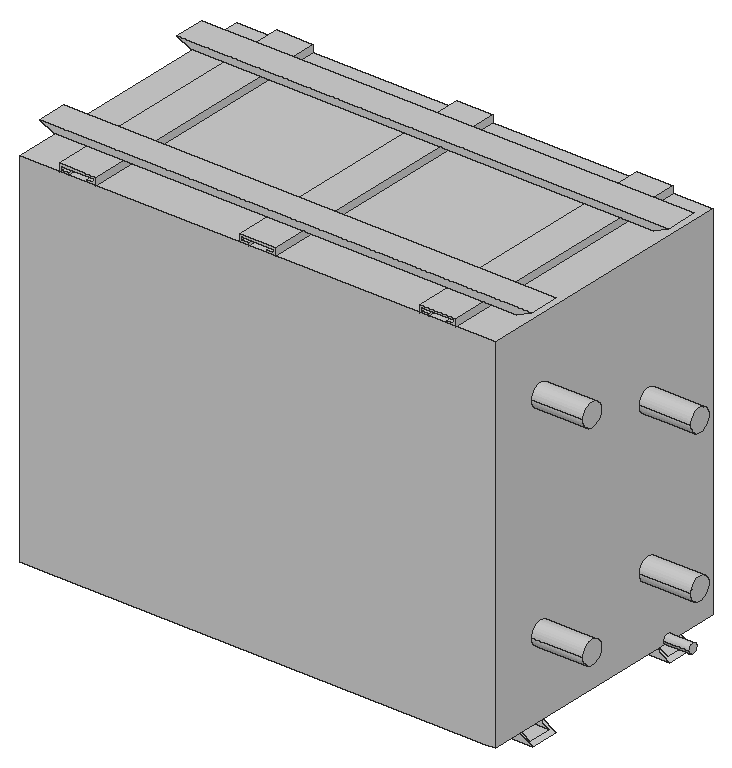
Revit family "Heat-Pump-Rheem-W2W-45kW", category Mechanical Equipment, Revit 2023
Family settings
  Round Connector Dimension = Use Radius
  Part Type = Normal
  OmniClass Number = 23.75.10.21
  OmniClass Title = Heat Pumps
  Work Plane-Based = No
  Always vertical = Yes
  Cut with Voids When Loaded = No
  Maintain Annotation Orientation = No
  Shared = No
  Room Calculation Point = No
Parameters (values of type "9540450S")
  calcTopSupport = if(Show Top Supports, 32 mm, 0 mm)  # 32 mm
  calcFanGuardDepth = 133 mm  # constant formula
  Width_ANZRS = 599 mm  # constant formula
  Wattage_ANZRS = 45 kW  # constant formula
  Voltage_ANZRS = 230 V
  URL = "https://www.rheem.com.au/products/commercial/commercial-heat-pumps"
  Type Comments = ""
  SupportInsetSide = 77 mm  # constant formula
  Show Top Supports = yes
  ProductCode_ANZRS = "9540450S"
  PowerFactor_ANZRS = 1
  OutletPipeDiameter = 50 mm  # constant formula
  calcOutletPipeRad = if(1 = 1, OutletPipeDiameter / 2, 0 mm)  # 25 mm
  Model = "Rheem Commercial Water to Water Heat Pump – 45kW Stackable Model"
  Material_ANZRS = Rheem-Steel-Grey
  Manufacturer = "Rheem"  # constant formula
  Length_ANZRS = 1049 mm  # constant formula
  InletPipeDiameter = 50 mm  # constant formula
  calcInletPipeRadius = if(1 = 1, InletPipeDiameter / 2, 0 mm)  # 25 mm
  Height_ANZRS = if(Show Top Supports, 859 mm, 827 mm)  # 859 mm
  Description = "Rheem's Commercial Water to Water (W2W) heat pump includes units using R134a for hot water heating up to 65°C, with a minimum entering water temperature on the building loop of 12°C, giving a return water temperature of 7°C, with the units being compact and suitable for indoor or external installation. Stackable models allow units to be stacked two high for reduced footprint."
  Default Elevation = 0 mm
  CreatedBy_ANZRS = "Design Content"  # constant formula
  CreatedByURL_ANZRS = "https://www.designcontent.com.au/"
  Assembly Code = ""
  ApparentLoad_ANZRS = Wattage_ANZRS  # 45 kW
Types (2, lengths in mm): name | calcTopSupport | Show Top Supports | ProductCode_ANZRS | Model | Height_ANZRS | Description
  95404500 | 0 | no | "95404500" | "Rheem Commercial Water to Water Heat Pump – 45kW" | 827 | "Rheem's Commercial Water to Water (W2W) heat pump includes units using R134a for hot water heating up to 65°C, with a minimum entering water temperature on the building loop of 12°C, giving a return water temperature of 7°C, with the units being compact and suitable for indoor or external installation."
  9540450S | 32 | yes | "9540450S" | "Rheem Commercial Water to Water Heat Pump – 45kW Stackable Model" | 859 | "Rheem's Commercial Water to Water (W2W) heat pump includes units using R134a for hot water heating up to 65°C, with a minimum entering water temperature on the building loop of 12°C, giving a return water temperature of 7°C, with the units being compact and suitable for indoor or external installation. Stackable models allow units to be stacked two high for reduced footprint."
Reference planes
  plane 1 "Center (Front/Back)": y = 0
  plane 2: z = 0
  plane 3 "Center (Left/Right)": x = 0
  plane 4 "Back": y = 299.5
  plane 5 "Front": y = -299.5
  plane 6 "Left": x = -524.5
  plane 7 "Right": x = 524.5
  plane 8: z = 24
  plane 9 "HEIGHT": z = 827
  plane 10 "Inlet": z = 200
  plane 11 "Outlet": z = 670
  plane 12: x = 639.5
  plane 13: y = -222.5
  plane 14: y = 222.5
  plane 15: x = 582
  plane 16: z = 859
  plane 17: x = -544.5
  plane 18: x = 544.5
  plane 19 "Pipework": y = -176.5
Forms (mm)
  Extrusion 1, solid, material "Rheem-Steel-Grey" <- "Material_ANZRS", detail levels medium+fine
    sketch origin (0, 0, 0) x (1, 0, 0) y (0, 1, 0)
      loop
        line (-524.5, 299.5) -> (-524.5, -299.5) -> (524.5, -299.5) -> (524.5, 299.5) -> (-524.5, 299.5)
    from 24 to 827
  Extrusion 2, solid, material "Rheem-Steel-Grey" <- "Material_ANZRS"
    sketch origin (0, 111.908, 381.979) x (0, -1, 0) y (0, 0, 1)
      loop
        circle (288.408, -181.979) r 25
      loop
        circle (288.408, 288.021) r 25
      loop
        circle (-8.592, -185.979) r 25
      loop
        circle (-8.592, 147.021) r 25
    from -524.5 to -639.5
  Extrusion 3, solid, material "Rheem-Steel-Grey" <- "Material_ANZRS"
    sketch origin (524.5, 0, 0) x (0, -1, 0) y (0, 0, -1)
      loop
        circle (-173.5, -34) r 10
    from 0 to 57.5
  Extrusion 4, solid, material "Rheem-Steel-Grey" <- "Material_ANZRS", detail levels coarse
    sketch origin (0, 0, 827) x (-1, 0, 0) y (0, -1, 0)
      loop
        line (524.5, -299.5) -> (524.5, 299.5) -> (-524.5, 299.5) -> (-524.5, -299.5) -> (524.5, -299.5)
    from -827 to 32
  Extrusion 5, solid, material "Rheem-Steel-Grey" <- "Material_ANZRS", detail levels medium+fine
    sketch origin (0, 0, 0) x (0, 1, 0) y (0, 0, 1)
      loop
        line (247.5, 24) -> (217.5, 24) -> (217.5, 5) -> (163.086, 5) -> (163.086, 24) -> (133, 24) -> (133, 19) -> (158, 19) -> (158, 0) -> (222.5, 0) -> (222.5, 19) -> (247.5, 19) -> (247.5, 24)
      loop
        line (-133, 24) -> (-163, 24) -> (-163, 5) -> (-217.414, 5) -> (-217.414, 24) -> (-247.5, 24) -> (-247.5, 19) -> (-222.5, 19) -> (-222.5, 0) -> (-158, 0) -> (-158, 19) -> (-133, 19) -> (-133, 24)
    from -544.5 to 544.5
  Extrusion 6, solid, material "Rheem-Steel-Grey" <- "Material_ANZRS", visible <- "Show Top Supports", detail levels medium+fine
    sketch origin (0, 0, 0) x (1, 0, 0) y (0, 0, 1)
      loop
        line (-437.141, 827) -> (-417.141, 827) -> (-417.141, 832) -> (-432.141, 832) -> (-432.141, 838) -> (-362.141, 838) -> (-362.141, 832) -> (-377.141, 832) -> (-377.141, 827) -> (-357.141, 827) -> (-357.141, 843) -> (-437.141, 843) -> (-437.141, 827)
      loop
        line (357.141, 827) -> (377.141, 827) -> (377.141, 832) -> (362.141, 832) -> (362.141, 838) -> (432.141, 838) -> (432.141, 832) -> (417.141, 832) -> (417.141, 827) -> (437.141, 827) -> (437.141, 843) -> (357.141, 843) -> (357.141, 827)
      loop
        line (-40, 827) -> (-20, 827) -> (-20, 832) -> (-35, 832) -> (-35, 838) -> (35, 838) -> (35, 832) -> (20, 832) -> (20, 827) -> (40, 827) -> (40, 843) -> (-40, 843) -> (-40, 827)
    from -299.5 to 299.5
  Extrusion 7, solid, material "Rheem-Steel-Grey" <- "Material_ANZRS", visible <- "Show Top Supports", detail levels medium+fine
    sketch origin (23.5, 184.859, 18.5) x (0, -1, 0) y (0, 0, 1)
      loop
        line (29.359, 824.5) -> (29.359, 840.5) -> (-38.641, 840.5) -> (-38.641, 824.5) -> (-18.617, 824.5) -> (-18.617, 829) -> (-33.617, 829) -> (-33.617, 835.5) -> (24.359, 835.5) -> (24.359, 829) -> (9.359, 829) -> (9.359, 824.5) -> (29.359, 824.5)
      loop
        line (340.359, 824.5) -> (360.359, 824.5) -> (360.359, 829) -> (345.359, 829) -> (345.359, 835.5) -> (403.334, 835.5) -> (403.334, 829) -> (388.334, 829) -> (388.334, 824.5) -> (408.359, 824.5) -> (408.359, 840.5) -> (340.359, 840.5) -> (340.359, 824.5)
    from -521 to 568
  Extrusion 8, solid, detail levels medium+fine
    sketch origin (725.494, 299.5, 222.402) x (-1, 0, 0) y (0, 0, 1)
      loop
        circle (252.008, 378.5) r 15
      loop
        circle (252.008, 428.5) r 15
      loop
        circle (252.008, 328.5) r 15
      loop
        circle (252.008, 278.5) r 10
      loop
        circle (252.008, 228.5) r 10
    from 0 to 5
  Extrusion 9, void
    sketch origin (0, 0, 0) x (1, 0, 0) y (0, 0, 1)
      loop
        line (-511.136, 843) -> (-544.5, 860) -> (-544.5, 843) -> (-511.136, 843)
      loop
        line (511.136, 843) -> (544.5, 843) -> (544.5, 859.5) -> (511.136, 843)
      loop
        line (-502.931, 24) -> (-544.5, 24) -> (-544.5, 0) -> (-502.931, 24)
      loop
        line (502.931, 24) -> (544.5, 0) -> (544.5, 24) -> (502.931, 24)
    from -299.5 to 299.5
Cuts and joins
  Extrusion 9 cuts Extrusion 1
  Extrusion 9 cuts Extrusion 5
  Extrusion 9 cuts Extrusion 7
Lines and regions (mm)
  Split face 1
    outline origin (524.5, 299.5, 827) x (0, 0, -1) y (-1, 0, 0)
      loop
        line (140, 100) -> (802, 100) -> (802, 949) -> (140, 949) -> (140, 100)
  Split face 2
    outline origin (524.5, 299.5, 827) x (0, 0, -1) y (-1, 0, 0)
      loop
        line (120, 100) -> (120, 949) -> (20, 949) -> (20, 100) -> (120, 100)
Dimensions and locks
  equal spacing: plane 6 "Left", plane 3 "Center (Left/Right)", plane 7 "Right"
  equal spacing: plane 4 "Back", plane 1 "Center (Front/Back)", plane 5 "Front"
  "Width_ANZRS": plane 4 "Back" to plane 5 "Front"
  "Length_ANZRS": plane 6 "Left" to plane 7 "Right"
  locked: plane 12 to plane 7 "Right" at 115
  "SupportInsetSide": plane 5 "Front" to plane 13
  "SupportInsetSide": plane 14 to plane 4 "Back"
  locked: Extrusion 3 sketch curve to plane 8 at 10
  equal spacing: plane 12, plane 15, plane 7 "Right"
  locked: plane 8 to Extrusion 5 sketch curve at 5  (x2)
  Extrusion 5 sketch curve to plane 14 to Extrusion 5 sketch curve to Extrusion 5 sketch curve to Extrusion 5 sketch curve to Extrusion 5 sketch curve = 25 mm locked, 5 mm locked, 54.414 mm locked, 5.086 mm locked, 25 mm locked
  locked: plane 4 "Back" to Extrusion 3 sketch curve at 126
  Extrusion 5 sketch curve to Extrusion 5 sketch curve to Extrusion 5 sketch curve to Extrusion 5 sketch curve to Extrusion 5 sketch curve to Extrusion 5 sketch curve = 25 mm locked, 5 mm locked, 54.414 mm locked, 5.086 mm locked, 25 mm locked
  locked: Extrusion 6 sketch curve to plane 9 "HEIGHT" at 16
  Extrusion 6 sketch curve to Extrusion 6 sketch curve to plane 9 "HEIGHT" = 6 mm locked, 5 mm locked  (x3)
  locked: plane 9 "HEIGHT" to plane 8 at 803
  locked: plane 8 to plane 2 at 24
  locked: nested 1 to plane 9 "HEIGHT" at 300
  locked: plane 17 to plane 6 "Left" at 20
  locked: plane 18 to plane 7 "Right" at 20
  Extrusion 9 sketch curve to Extrusion 9 sketch curve to plane 9 "HEIGHT" = 17 mm, 16 mm
  Extrusion 9 sketch curve to Extrusion 9 sketch curve to plane 9 "HEIGHT" = 16.5 mm locked, 16 mm locked
  locked: plane 19 "Pipework" to plane 5 "Front" at 123
  locked: plane 10 "Inlet" to plane 2 at 200
  locked: plane 11 "Outlet" to plane 10 "Inlet" at 470
  locked: Extrusion 2 sketch curve to plane 4 "Back" at 179  (x2)
  locked: Extrusion 2 sketch curve to plane 10 "Inlet" at 329
  locked: plane 8 to Split face 1 sketch curve at 1
  Split face 1 sketch curve to plane 9 "HEIGHT" = 140 mm
  locked: Split face 1 sketch curve to plane 7 "Right" at 100
  locked: plane 6 "Left" to Split face 1 sketch curve at 100
  locked: plane 7 "Right" to Split face 2 sketch curve at 100
  locked: plane 6 "Left" to Split face 2 sketch curve at 100
  locked: Split face 2 sketch curve to plane 9 "HEIGHT" at 20
  locked: Split face 2 sketch curve to plane 9 "HEIGHT" at 120
  "calcTopSupport": plane 16 to plane 9 "HEIGHT"
  Extrusion 7 sketch curve to Extrusion 7 sketch curve to Extrusion 7 sketch curve to Extrusion 7 sketch curve to plane 9 "HEIGHT" = 5 mm locked, 6.5 mm locked, 4.5 mm locked, 16 mm locked
  locked: Extrusion 2 sketch curve to plane 2 at 196
  "calcOutletPipeRad": radius of Extrusion 2 sketch curve  (x3)
  "calcInletPipeRadius": radius of Extrusion 2 sketch curve
  radius of Extrusion 3 sketch curve = 10 mm
  aligned and locked: level to plane 2
  aligned and locked: Extrusion 1 sketch curve to plane 6 "Left"
  aligned and locked: Extrusion 1 sketch curve to plane 7 "Right"
  aligned and locked: plane 9 "HEIGHT" to Extrusion 1
  aligned and locked: Extrusion 1 to plane 8
  aligned and locked: plane 5 "Front" to Extrusion 1
  aligned and locked: Extrusion 2 to plane 7 "Right"
  aligned and locked: plane 11 "Outlet" to Extrusion 2 sketch curve
  aligned and locked: plane 10 "Inlet" to Extrusion 2 sketch curve
  aligned and locked: plane 15 to Extrusion 3
  aligned and locked: Extrusion 4 sketch curve to plane 4 "Back"
  aligned and locked: Extrusion 4 sketch curve to plane 5 "Front"
  aligned and locked: Extrusion 4 sketch curve to plane 7 "Right"
  aligned and locked: Extrusion 4 sketch curve to plane 6 "Left"
  aligned and locked: Extrusion 4 to plane 2
  aligned and locked: plane 16 to Extrusion 4
  aligned and locked: plane 12 to Extrusion 2
  aligned and locked: plane 5 "Front" to Extrusion 6
  aligned and locked: plane 4 "Back" to Extrusion 6
  aligned and locked: Extrusion 6 sketch curve to Extrusion 6 sketch curve  (x8)
  aligned and locked: plane 4 "Back" to Extrusion 1
  aligned and locked: Extrusion 7 sketch curve to Extrusion 7 sketch curve  (x8)
  aligned and locked: nested 1 to plane 3 "Center (Left/Right)"
  aligned and locked: Extrusion 5 to plane 17
  aligned and locked: plane 18 to Extrusion 5
  aligned and locked: Extrusion 7 to plane 17
  aligned and locked: plane 18 to Extrusion 7
  aligned and locked: plane 17 to Extrusion 9 sketch curve
  aligned and locked: Extrusion 9 sketch curve to plane 8
  aligned and locked: Extrusion 9 sketch curve to plane 17
  aligned and locked: plane 18 to Extrusion 9 sketch curve
  aligned and locked: Extrusion 9 to Extrusion 1  (x2)
  aligned and locked: plane 19 "Pipework" to Extrusion 2 sketch curve  (x2)
Automatic sketch dimensions
  plane 5 "Front" to Extrusion 1 sketch curve = 0 mm
  Extrusion 1 sketch curve to plane 4 "Back" = 0 mm
  Extrusion 5 sketch curve to plane 8 = 0 mm  (x4)
  Extrusion 5 sketch curve to level = 0 mm  (x2)
  Extrusion 5 sketch curve to plane 13 = 0 mm
  Extrusion 5 sketch curve to plane 14 = 0 mm
  level to Extrusion 5 sketch curve = 5 mm  (x2)
  Extrusion 5 sketch curve to plane 8 = 5 mm  (x2)
  Extrusion 6 sketch curve to plane 9 "HEIGHT" = 0 mm  (x3)
  Extrusion 6 sketch curve to plane 6 "Left" = 87.359 mm
  Extrusion 6 sketch curve to Extrusion 6 sketch curve = 5 mm  (x6)
  Extrusion 6 sketch curve to Extrusion 6 sketch curve = 15 mm  (x6)
  Extrusion 6 sketch curve to Extrusion 6 sketch curve = 40 mm  (x2)
  Extrusion 6 sketch curve to plane 3 "Center (Left/Right)" = 40 mm
  plane 3 "Center (Left/Right)" to Extrusion 6 sketch curve = 20 mm
  Extrusion 6 sketch curve to plane 7 "Right" = 167.359 mm
  Extrusion 8 sketch curve to plane 7 "Right" = 51.014 mm  (x2)
  Extrusion 8 sketch curve to plane 11 "Outlet" = 119.098 mm
  Extrusion 8 sketch curve to Extrusion 8 sketch curve = 0 mm  (x3)
  Extrusion 8 sketch curve to Extrusion 8 sketch curve = 50 mm  (x3)
  Extrusion 8 sketch curve to plane 11 "Outlet" = 69.098 mm
  Extrusion 9 sketch curve to plane 8 = 0 mm
  Extrusion 9 sketch curve to plane 18 = 0 mm
  Extrusion 9 sketch curve to level = 0 mm  (x2)
  Extrusion 9 sketch curve to plane 6 "Left" = 13.364 mm
  Extrusion 9 sketch curve to plane 6 "Left" = 21.569 mm
  Extrusion 9 sketch curve to plane 7 "Right" = 21.569 mm
  Extrusion 9 sketch curve to plane 7 "Right" = 13.364 mm
  plane 14 to Extrusion 7 sketch curve = 1 mm
  Extrusion 7 sketch curve to plane 14 = 4.024 mm
  Extrusion 7 sketch curve to Extrusion 7 sketch curve = 15 mm  (x3)
  Extrusion 7 sketch curve to Extrusion 7 sketch curve = 27.976 mm
  Extrusion 7 sketch curve to Extrusion 7 sketch curve = 5 mm  (x2)
  plane 13 to Extrusion 7 sketch curve = 67 mm
  plane 13 to Extrusion 7 sketch curve = 19.024 mm
  plane 13 to Extrusion 7 sketch curve = 4.024 mm
  Extrusion 7 sketch curve to plane 13 = 1 mm
  radius of Extrusion 8 sketch curve = 15 mm  (x3)
  radius of Extrusion 8 sketch curve = 10 mm  (x2)
Nested families
  nested 1: "X_Rheem Logo" at (0, 299.5, 527) x (-1, 0, 0) z (0, 1, 0), type "Standard", detail levels fine
Connectors
  piping at (639.5, -176.5, 200), diameter 50, driven by "calcInletPipeRadius"
    settings: on Extrusion 2, index 9, connector inside diameter 20 mm, connector length 0 mm, flow factor 0, pipe flow 0.0 L/s, pressure drop 0.0 Pa, fitting loss kfactor 0, connector angle 0.00°, fixture units 0, engagement length 0 mm, angle of deflection 0.00°, flow configuration 1, flow direction 1, fitting loss method 0, system type 20, joint type 0, gender type 0, connector reference index -1, connector utility 0, adjustable connector no, is connector primary yes, connector description "Water In"
  piping at (639.5, -176.5, 200), diameter 50, driven by "calcOutletPipeRad"
    settings: on Extrusion 2, index 10, connector inside diameter 20 mm, connector length 0 mm, flow factor 0, pipe flow 0.0 L/s, pressure drop 0.0 Pa, fitting loss kfactor 0, connector angle 0.00°, fixture units 0, engagement length 0 mm, angle of deflection 0.00°, flow configuration 1, flow direction 2, fitting loss method 0, system type 20, joint type 0, gender type 0, connector reference index -1, connector utility 0, adjustable connector no, is connector primary no, connector description "CW Out"
  piping at (582, 173.5, 34), diameter 20
    settings: on Extrusion 3, index 11, connector inside diameter 609.6 mm, connector length 0 mm, flow factor 0, pipe flow 0.0 L/s, pressure drop 0.0 Pa, fitting loss kfactor 0, connector angle 0.00°, fixture units 0, engagement length 0 mm, angle of deflection 0.00°, flow configuration 1, flow direction 2, fitting loss method 0, system type 16, joint type 0, gender type 0, connector reference index -1, connector utility 0, adjustable connector no, is connector primary no, connector description ""
  piping at (639.5, -176.5, 670), diameter 50, driven by "calcInletPipeRadius"
    settings: on Extrusion 2, index 16, connector inside diameter 609.6 mm, connector length 0 mm, flow factor 0, pipe flow 0.0 L/s, pressure drop 0.0 Pa, fitting loss kfactor 0, connector angle 0.00°, fixture units 0, engagement length 0 mm, angle of deflection 0.00°, flow configuration 1, flow direction 1, fitting loss method 0, system type 20, joint type 0, gender type 0, connector reference index -1, connector utility 0, adjustable connector no, is connector primary no, connector description "CW In"
  electrical at (473.486, 299.5, 650.902), driven by "Voltage_ANZRS", driven by "ApparentLoad_ANZRS", driven by "PowerFactor_ANZRS"
    settings: on Extrusion 8, index 17, voltage 230 V, apparent load 45 kW, apparent load phase1 0 kW, apparent load phase2 0 kW, apparent load phase3 0 kW, power factor 1, load classification "Power", number of poles 1, system type 30, power factor state 1, is connector primary yes, connector utility no, sub classification motor no, connector description ""
  electrical at (473.486, 299.5, 600.902), driven by "Voltage_ANZRS", driven by "ApparentLoad_ANZRS", driven by "PowerFactor_ANZRS"
    settings: on Extrusion 8, index 18, voltage 230 V, apparent load 45 kW, apparent load phase1 0 kW, apparent load phase2 0 kW, apparent load phase3 0 kW, power factor 1, load classification "Power", number of poles 1, system type 30, power factor state 1, is connector primary no, connector utility no, sub classification motor no, connector description ""
  electrical at (473.486, 299.5, 550.902), driven by "Voltage_ANZRS", driven by "ApparentLoad_ANZRS", driven by "PowerFactor_ANZRS"
    settings: on Extrusion 8, index 19, voltage 230 V, apparent load 45 kW, apparent load phase1 0 kW, apparent load phase2 0 kW, apparent load phase3 0 kW, power factor 1, load classification "Power", number of poles 1, system type 30, power factor state 1, is connector primary no, connector utility no, sub classification motor no, connector description ""
  electrical at (473.486, 299.5, 500.902), driven by "Voltage_ANZRS", driven by "ApparentLoad_ANZRS", driven by "PowerFactor_ANZRS"
    settings: on Extrusion 8, index 20, voltage 230 V, apparent load 45 kW, apparent load phase1 0 kW, apparent load phase2 0 kW, apparent load phase3 0 kW, power factor 1, load classification "Power", number of poles 1, system type 30, power factor state 1, is connector primary no, connector utility no, sub classification motor no, connector description ""
  electrical at (473.486, 299.5, 450.902), driven by "Voltage_ANZRS", driven by "ApparentLoad_ANZRS", driven by "PowerFactor_ANZRS"
    settings: on Extrusion 8, index 21, voltage 230 V, apparent load 45 kW, apparent load phase1 0 kW, apparent load phase2 0 kW, apparent load phase3 0 kW, power factor 1, load classification "Power", number of poles 1, system type 30, power factor state 1, is connector primary no, connector utility no, sub classification motor no, connector description ""
  piping at (639.5, 120.5, 196), diameter 50, driven by "calcInletPipeRadius"
    settings: on Extrusion 2, index 22, connector inside diameter 609.6 mm, connector length 0 mm, flow factor 0, pipe flow 0.0 L/s, pressure drop 0.0 Pa, fitting loss kfactor 0, connector angle 0.00°, fixture units 0, engagement length 0 mm, angle of deflection 0.00°, flow configuration 1, flow direction 1, fitting loss method 0, system type 19, joint type 0, gender type 0, connector reference index -1, connector utility 0, adjustable connector no, is connector primary no, connector description "HW In"
  piping at (639.5, 120.5, 529), diameter 50, driven by "calcOutletPipeRad"
    settings: on Extrusion 2, index 23, connector inside diameter 609.6 mm, connector length 0 mm, flow factor 0, pipe flow 0.0 L/s, pressure drop 0.0 Pa, fitting loss kfactor 0, connector angle 0.00°, fixture units 0, engagement length 0 mm, angle of deflection 0.00°, flow configuration 1, flow direction 2, fitting loss method 0, system type 19, joint type 0, gender type 0, connector reference index -1, connector utility 0, adjustable connector no, is connector primary no, connector description "HW Out"
Definition of nested family "X_Rheem Logo"
  Parameters (values of type "Standard")
    Default Elevation = 1219.2 mm
    Assembly Code = ""
  Reference planes
    plane 1 "Center (Front/Back)": y = 0
    plane 2: z = 0
    plane 3 "Center (Left/Right)": x = 0
  Forms (mm)
    Extrusion 1, solid
      sketch origin (0, 0, 0) x (1, 0, 0) y (0, 1, 0)
        loop
          line (-1219.2, 1219.2) -> (-1219.2, -1219.2) -> (1219.2, -1219.2) -> (1219.2, 1219.2) -> (-1219.2, 1219.2)
      from 0 to -304.8
    Extrusion 2, solid
      sketch origin (0, 0, 0) x (1, 0, 0) y (0, 1, 0)
        loop
          arc (-33.529, -21.813) -> (38.36, -11.338) -> (-16.283, 36.536) r 40
          line (-16.283, 36.536) -> (-16.283, 5.397)
          arc (-16.283, 5.397) -> (-14.75, 6.901) -> (-12.662, 7.405) r 4.033
          arc (-12.662, 7.405) -> (-9.852, 6.403) -> (-8.561, 3.712) r 3.918
          line (-8.561, 3.712) -> (-8.561, -8.033) -> (-11.525, -8.033) -> (-11.525, 1.806)
          arc (-11.525, 1.806) -> (-12.858, 4.057) -> (-15.428, 3.572) r 2.279
          arc (-15.428, 3.572) -> (-15.988, 2.759) -> (-16.246, 1.806) r 2.925
          line (-16.246, 1.806) -> (-16.246, -8.079) -> (-19.645, -8.079) -> (-19.645, 34.843)
          arc (-19.645, 34.843) -> (-26.644, 29.834) -> (-32.41, 23.444) r 40
          arc (-32.41, 23.444) -> (-21.103, 13.87) -> (-28.782, 1.2) r 11.411
          line (-28.782, 1.2) -> (-7.321, -24.919) -> (-11.462, -24.919) -> (-31.83, -0.131) -> (-31.83, -21.813) -> (-33.529, -21.813)
        loop
          line (-35.017, -19.335) -> (-35.017, 19.335)
          arc (-35.017, 19.335) -> (-40, 0) -> (-35.017, -19.335) r 40
        loop
          line (19.37, -8.097) -> (22.563, -8.097) -> (22.563, 2.258)
          spline (22.563, 2.258) -> (22.878, 3.103) -> (23.24, 3.526) -> (23.639, 3.818) -> (24.082, 3.997) -> (24.556, 4.074) -> (25.034, 4.068) -> (25.491, 3.983) -> (25.903, 3.817) -> (26.238, 3.56) -> (26.492, 3.191) -> (26.717, 2.639) -> (26.9, 1.6)
          line (26.9, 1.6) -> (26.9, -8.097) -> (29.854, -8.097) -> (29.854, 2.258)
          spline (29.854, 2.258) -> (30.181, 3.064) -> (30.553, 3.474) -> (30.969, 3.74) -> (31.419, 3.936) -> (31.889, 4.059) -> (32.364, 4.078) -> (32.821, 3.995) -> (33.233, 3.826) -> (33.568, 3.567) -> (33.822, 3.195) -> (34.048, 2.639) -> (34.231, 1.594)
          line (34.231, 1.594) -> (34.231, -8.097) -> (37.174, -8.097) -> (37.174, 3.718)
          spline (37.174, 3.718) -> (36.65, 5.383) -> (35.957, 6.159) -> (35.415, 6.563) -> (34.941, 6.826) -> (34.394, 7.032) -> (33.695, 7.17) -> (32.91, 7.2) -> (32.152, 7.119) -> (31.53, 6.952) -> (31.006, 6.67) -> (30.429, 6.179) -> (29.566, 5.166)
          spline (29.566, 5.166) -> (28.777, 6.078) -> (28.276, 6.494) -> (27.782, 6.788) -> (27.231, 7.014) -> (26.621, 7.177) -> (26.085, 7.261) -> (25.622, 7.26) -> (25.015, 7.185) -> (24.376, 7.012) -> (23.849, 6.722) -> (23.308, 6.304) -> (22.552, 5.275)
          line (22.552, 5.275) -> (22.552, 6.926) -> (19.37, 6.926) -> (19.37, -8.097)
        loop
          line (-4.051, 1.414) -> (2.029, 1.414)
          spline (2.029, 1.414) -> (1.473, 2.786) -> (1.087, 3.377) -> (0.673, 3.834) -> (0.205, 4.224) -> (-0.271, 4.485) -> (-0.868, 4.588) -> (-1.527, 4.548) -> (-2.06, 4.356) -> (-2.438, 4.033) -> (-2.865, 3.608) -> (-3.384, 2.906) -> (-4.051, 1.414)
        loop
          line (-4.095, -1.507) -> (5.029, -1.507)
          spline (5.029, -1.507) -> (4.769, 1.886) -> (4.1, 3.692) -> (3.083, 5.302) -> (1.664, 6.502) -> (-0.127, 7.316) -> (-1.72, 7.317) -> (-3.497, 6.614) -> (-4.898, 5.44) -> (-6.016, 3.817) -> (-6.693, 1.944) -> (-6.954, 0.058) -> (-6.657, -3.194)
          spline (-6.657, -3.194) -> (-5.711, -5.424) -> (-4.777, -6.63) -> (-3.808, -7.465) -> (-2.878, -7.994) -> (-1.873, -8.306) -> (-0.773, -8.411) -> (0.288, -8.278) -> (1.264, -7.907) -> (2.23, -7.346) -> (3.148, -6.594) -> (4.02, -5.578) -> (4.876, -3.596)
          line (4.876, -3.596) -> (1.705, -3.596)
          spline (1.705, -3.596) -> (0.883, -4.78) -> (0.307, -5.189) -> (-0.248, -5.429) -> (-0.802, -5.54) -> (-1.305, -5.525) -> (-1.909, -5.294) -> (-2.514, -4.923) -> (-2.921, -4.547) -> (-3.253, -4.098) -> (-3.591, -3.486) -> (-3.885, -2.641) -> (-4.095, -1.507)
        loop
          line (8.984, 1.152) -> (15.064, 1.152)
          spline (15.064, 1.152) -> (14.509, 2.524) -> (14.123, 3.116) -> (13.708, 3.573) -> (13.241, 3.962) -> (12.764, 4.224) -> (12.168, 4.327) -> (11.508, 4.287) -> (10.975, 4.095) -> (10.598, 3.771) -> (10.171, 3.347) -> (9.652, 2.645) -> (8.984, 1.152)
        loop
          line (8.973, -1.54) -> (18.097, -1.54)
          spline (18.097, -1.54) -> (17.837, 1.853) -> (17.168, 3.659) -> (16.151, 5.269) -> (14.732, 6.469) -> (12.941, 7.283) -> (11.348, 7.285) -> (9.571, 6.581) -> (8.17, 5.407) -> (7.052, 3.785) -> (6.375, 1.911) -> (6.114, 0.026) -> (6.412, -3.226)
          spline (6.412, -3.226) -> (7.357, -5.456) -> (8.291, -6.663) -> (9.26, -7.498) -> (10.191, -8.027) -> (11.195, -8.339) -> (12.295, -8.444) -> (13.356, -8.311) -> (14.332, -7.939) -> (15.298, -7.379) -> (16.217, -6.626) -> (17.088, -5.61) -> (17.944, -3.629)
          line (17.944, -3.629) -> (14.773, -3.629)
          spline (14.773, -3.629) -> (13.951, -4.813) -> (13.375, -5.222) -> (12.82, -5.462) -> (12.266, -5.573) -> (11.763, -5.557) -> (11.159, -5.326) -> (10.555, -4.955) -> (10.147, -4.58) -> (9.816, -4.131) -> (9.477, -3.519) -> (9.183, -2.673) -> (8.973, -1.54)
        loop
          circle (0, 0) r 43
        loop
          arc (-31.817, 3.841) -> (-24.154, 12.033) -> (-31.817, 20.226) r 8.211
          line (-31.817, 20.226) -> (-31.817, 3.841)
      from 0 to 1
  Dimensions and locks
    aligned and locked: plane 2 to Extrusion 1
    aligned and locked: level to Extrusion 1
